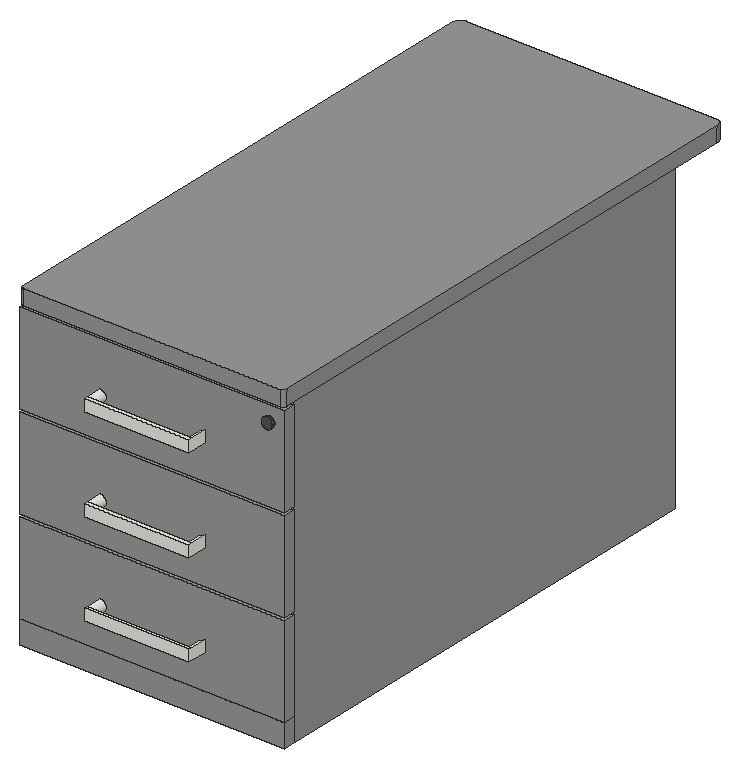
Revit family "Haworth_HC1Pedestal_9HE_EU_PRELIMINARY", category Furniture Systems, Revit 2019 (continued)
Definition of nested family "Haworth_MSeries_Drawer_PART"
  Definition of nested family "Haworth_Drawer-Pulls"
    Forms (cm)
      Blend 3, solid, material <- "Handle Finish", visible <- "Radius"
        base sketch origin (0, 0, 0.7938) x (0, 1, 0) y (0, 0, -1)
          loop
            arc (-1.0246, 1.5875) -> (-1.8184, 0.7938) -> (-1.0246, 0) r 0.7938
            line (-1.0246, 0) -> (0, 0)
        top sketch origin (0, 0, 0.7938) x (0, 1, 0) y (0, 0, -1)
          loop
            line (0, 0) -> (0, 1.5875) -> (-1.9782, 1.5875)
            arc (-1.9782, 1.5875) -> (-2.772, 0.7938) -> (-1.9782, 0) r 0.7938
            line (-1.9782, 0) -> (0, 0)
        from -12.3825 to -9.2075
      Sweep 4, solid, material <- "Handle Finish", visible <- "Radius"
        path origin (0, 0, 0) x (1, 0, 0) y (0, 1, 0)
          loop
            arc (-12.3825, -1.8184) -> (0, -3.9179) -> (12.3825, -1.8184) r 37.5636
        profile origin (0, -3.9179, 0) x (0, 1, 0) y (0, 0, 1)
          loop
            circle (0.7938, 0) r 0.7739
      Extrusion 5, solid, material <- "Handle Finish", visible <- "Taper"
        sketch origin (0, 0, 0.6929) x (0, 1, 0) y (0, 0, 1)
          loop
            line (0, 0) -> (-2.2225, 0)
            arc (-2.2225, 0) -> (-2.447, -0.093) -> (-2.54, -0.3175) r 0.3175
            line (-2.54, -0.3175) -> (-2.54, -1.778) -> (-2.4609, -1.778) -> (-2.4609, -0.3178)
            arc (-2.4609, -0.3178) -> (-2.3911, -0.1492) -> (-2.2225, -0.0794) r 0.2384
            line (-2.2225, -0.0794) -> (-0.0794, -0.0794) -> (-0.0794, -1.3462) -> (0, -1.3462) -> (0, 0)
        from -16.6535 to 16.6535
      Extrusion 6, void
        sketch origin (0, 0, 0.6929) x (1, 0, 0) y (0, 0, 1)
          loop
            arc (-13.2932, -1.8265) -> (-15.2327, -1.3323) -> (-16.6993, 0.0298) r 4.0532
            line (-16.6993, 0.0298) -> (-17.4239, 0.0298) -> (-17.4239, -2.54) -> (17.4239, -2.54) -> (17.4239, 0.0298) -> (16.6993, 0.0298)
            arc (16.6993, 0.0298) -> (15.2327, -1.3323) -> (13.2932, -1.8265) r 4.0532
            line (13.2932, -1.8265) -> (-13.2932, -1.8265)
        from 0 to 5.5909
      Sweep 7, solid, material <- "Handle Finish", visible <- "Cresent"
        path origin (0, 0, 0.3175) x (1, 0, 0) y (0, 1, 0)
          loop
            arc (-9.6589, 0.1016) -> (0, -3.175) -> (9.6589, 0.1016) r 15.875
        profile origin (0, -3.175, 0.3175) x (0, 1, 0) y (0, 0, 1)
          loop
            circle (0.3175, -0.3175) r 0.3175
      Extrusion 8, void
        sketch origin (0, 0, 0.3175) x (1, 0, 0) y (0, 1, 0)
          loop
            line (-10.0214, 0) -> (10.0177, 0) -> (10.0177, 0.8146) -> (-10.0214, 0.8146) -> (-10.0214, 0)
        from 0.0882 to -0.7228
      Extrusion 9, solid, material <- "Handle Finish", visible <- "Linear"
        sketch origin (0, 0, 0.3175) x (1, 0, 0) y (0, 1, 0)
          loop
            line (-10.16, 0) -> (-10.16, -3.175) -> (10.16, -3.175) -> (10.16, 0) -> (7.62, 0) -> (7.62, -2.54) -> (-7.62, -2.54) -> (-7.62, 0) -> (-10.16, 0)
        from 0 to -0.635
      Extrusion 10, solid, material <- "Handle Finish", visible <- "Classic"
        sketch origin (0, 0, 0.9525) x (1, 0, 0) y (0, 0, 1)
          loop
            line (-8.5725, 0) -> (-8.5725, -1.905)
            arc (-8.5725, -1.905) -> (-7.62, -0.9525) -> (-8.5725, 0) r 0.9525
        from 0 to 2.54
      Extrusion 11, solid, material <- "Handle Finish", visible <- "Classic"
        sketch origin (0, 0, 0.9525) x (-1, 0, 0) y (0, 0, -1)
          loop
            arc (-8.5725, 0) -> (-7.62, 0.9525) -> (-8.5725, 1.905) r 0.9525
            line (-8.5725, 1.905) -> (-8.5725, 0)
        from 0 to 2.54
      Extrusion 12, solid, material <- "Handle Finish", visible <- "Classic"
        sketch origin (0, 0, 0.9525) x (1, 0, 0) y (0, 0, 1)
          loop
            line (-8.5725, 0) -> (-8.5725, -1.905) -> (8.5725, -1.905) -> (8.5725, 0) -> (-8.5725, 0)
        from 2.54 to 3.175
      Blend 13, solid, material <- "Handle Finish", visible <- "Radius"
        base sketch origin (0, 0, 0.7938) x (0, 1, 0) y (0, 0, 1)
          loop
            line (0, 0) -> (-1.0246, 0)
            arc (-1.0246, 0) -> (-1.8184, -0.7938) -> (-1.0246, -1.5875) r 0.7938
            line (-1.0246, -1.5875) -> (0, -1.5875) -> (0, 0)
        top sketch origin (0, 0, 0.7938) x (0, 1, 0) y (0, 0, 1)
          loop
            line (0, 0) -> (-1.9782, 0)
            arc (-1.9782, 0) -> (-2.772, -0.7938) -> (-1.9782, -1.5875) r 0.7938
            line (-1.9782, -1.5875) -> (0, -1.5875) -> (0, 0)
        from -12.3825 to -9.2075
      Extrusion 14, solid, material <- "Handle Finish", visible <- "Patterns"
        sketch origin (0, 0, 0.6929) x (0, 1, 0) y (0, 0, 1)
          loop
            line (0, 0) -> (-2.2225, 0)
            arc (-2.2225, 0) -> (-2.447, -0.093) -> (-2.54, -0.3175) r 0.3175
            line (-2.54, -0.3175) -> (-2.54, -1.778) -> (-2.4609, -1.778) -> (-2.4609, -0.3178)
            arc (-2.4609, -0.3178) -> (-2.3911, -0.1492) -> (-2.2225, -0.0794) r 0.2384
            line (-2.2225, -0.0794) -> (-0.0794, -0.0794) -> (-0.0794, -1.3462) -> (0, -1.3462) -> (0, 0)
        from -10.16 to 10.16
    Cuts and joins
      Extrusion 2 cuts Extrusion 1
      joined: Extrusion 10, Extrusion 11, Extrusion 12
      Extrusion 6 cuts Extrusion 5
      Extrusion 8 cuts Sweep 7
      joined: Blend 3, Sweep 4, Blend 13
Definition of nested family "Haworth_Epure_Storage_Drawer-Pulls"
  Parameters (values of type "Pull")
    Metal = yes
    Handle Finish = none
    Handle 2 = yes
    Handle 1 = yes
    Assembly Code = ""
  Reference planes (cm)
    plane 1 "Center Front/Back": y = 0
    plane 2: z = 0
    plane 3 "Center Left/Right": x = 0
    plane 4: x = -13
    plane 5: x = 13
  Forms (cm)
    Extrusion 1, solid, material <- "Handle Finish", visible <- "Metal"
      sketch origin (0, 0, 0.3175) x (1, 0, 0) y (0, 1, 0)
        loop
          line (-10.16, 0) -> (-10.16, -3.175) -> (10.16, -3.175) -> (10.16, 0) -> (7.62, 0) -> (7.62, -2.54) -> (-7.62, -2.54) -> (-7.62, 0) -> (-10.16, 0)
      from 0 to -0.635
    Extrusion 2, solid, material <- "Handle Finish", visible <- "Handle 2"
      sketch origin (249.8674, 48.2327, -47.4662) x (0, 1, 0) y (0, 0, 1)
        loop
          line (-48.2327, 48.4836) -> (-50.2327, 48.4836) -> (-50.2327, 46.4836) -> (-49.8327, 46.4836) -> (-49.8327, 47.4836) -> (-48.2327, 47.4836) -> (-48.2327, 48.4836)
      from -256.9674 to -242.7674
    Extrusion 3, solid, material <- "Handle Finish", visible <- "Handle 1"
      sketch origin (-80.1326, 48.2327, -18.6172) x (1, 0, 0) y (0, 1, 0)
        loop
          line (72.9326, -50.7327) -> (87.3326, -50.7327)
          arc (87.3326, -50.7327) -> (87.6861, -50.5862) -> (87.8326, -50.2327) r 0.5
          line (87.8326, -50.2327) -> (87.8326, -48.7327)
          arc (87.8326, -48.7327) -> (87.6861, -48.3791) -> (87.3326, -48.2327) r 0.5
          line (87.3326, -48.2327) -> (72.9326, -48.2327)
          arc (72.9326, -48.2327) -> (72.579, -48.3791) -> (72.4326, -48.7327) r 0.5
          line (72.4326, -48.7327) -> (72.4326, -50.2327)
          arc (72.4326, -50.2327) -> (72.579, -50.5862) -> (72.9326, -50.7327) r 0.5
      from 18.1935 to 19.0935
Types (4, lengths in cm): name | Top Depth | Thickness | Standard Handle 1 | Small | Low | Large | High | Handle Metal | Handle 1 | Glides | Four Doors | Casters | Actual Depth | 90D Top | 80D Top | 6H Lower | 60D Top | 3H Upper | 3H Middle | 3H Lower | 2H Middle | 1H Upper
  3/3/3 43.3 x 80 x 51.6 | 90 | 2.5 | yes | no | no | yes | yes | no | no | yes | no | no | 80 | yes | no | no | no | yes | yes | yes | no | no
  1/2/3/3 43.3 x 80 x 51.6 | 90 | 1.9 | no | no | yes | yes | no | yes | no | no | yes | yes | 80 | yes | no | no | no | no | yes | yes | yes | yes
  1/2/6 43.3 x 80 x 51.6 | 80 | 1.9 | no | no | yes | yes | no | no | yes | no | no | yes | 80 | no | yes | yes | no | no | no | no | yes | yes
  1/2/3/3 43.3 x 60 x 51.6 | 60 | 1.9 | no | yes | yes | no | no | no | yes | no | yes | yes | 60 | no | no | no | yes | no | yes | yes | yes | yes
